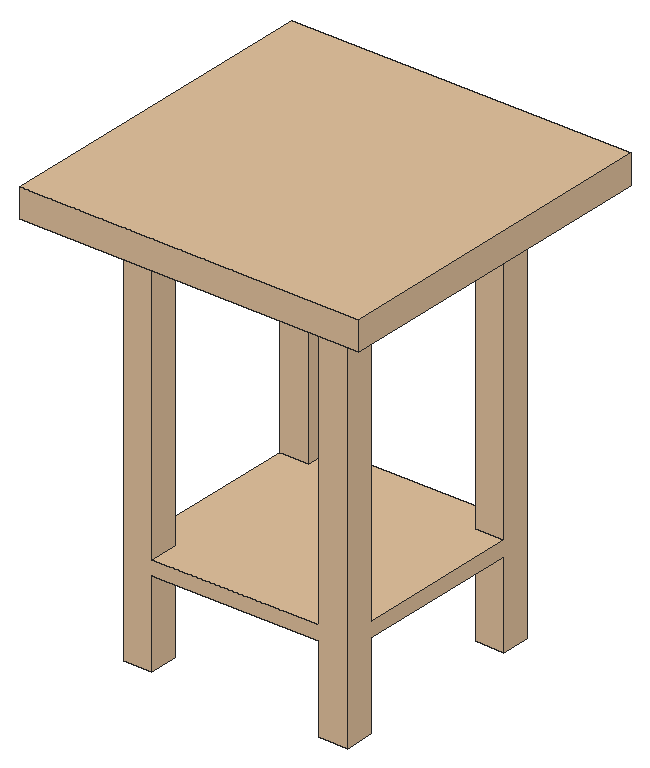
Revit family
Parameters (values of type "600 x 600 x 760mm")
  Keynote = "N"
  Base Material = Wood - Birch
  Depth = 600.00 mm
  Height = 760.00 mm
  Top Material = Wood - Birch
  Width = 600.00 mm
Types (3, lengths in mm): name | Depth | Height | Width
  (no name) | 600.00 | 760.00 | 600.00
  600 x 600 x 760mm | 600.00 | 760.00 | 600.00
  450 x 450 x 600mm | 450.00 | 600.00 | 450.00
Reference planes
  plane 1: y = 0
  plane 2: z = 0
  plane 3: x = 3.734
  plane 4: x = 603.734
  plane 5: y = 600
  plane 6: y = 300
  plane 7: x = 303.734
  plane 8: z = 760
  plane 9: z = 709.2
Forms (mm)
  Extrusion 1, solid, material "Wood - Birch" <- "Top Material"
    sketch origin (0, 0, 0) x (1, 0, 0) y (0, 1, 0)
      loop
        line (3.734, 0) -> (603.734, 0) -> (603.734, 600) -> (3.734, 600) -> (3.734, 0)
    from 709.2 to 760
  Extrusion 2, solid, material "Wood - Birch" <- "Base Material"
    sketch origin (0, 0, 0) x (1, 0, 0) y (0, 1, 0)
      loop
        line (105.334, 498.4) -> (105.334, 447.6) -> (156.134, 447.6) -> (156.134, 498.4) -> (105.334, 498.4)
      loop
        line (105.334, 152.4) -> (105.334, 101.6) -> (156.134, 101.6) -> (156.134, 152.4) -> (105.334, 152.4)
      loop
        line (451.334, 498.4) -> (451.334, 447.6) -> (502.134, 447.6) -> (502.134, 498.4) -> (451.334, 498.4)
      loop
        line (451.334, 152.4) -> (451.334, 101.6) -> (502.134, 101.6) -> (502.134, 152.4) -> (451.334, 152.4)
    from 0 to 709.2
  Extrusion 3, solid, material "Wood - Birch" <- "Base Material"
    sketch origin (0, 0, 0) x (1, 0, 0) y (0, 1, 0)
      loop
        line (451.334, 498.4) -> (156.134, 498.4) -> (156.134, 447.6) -> (105.334, 447.6) -> (105.334, 152.4) -> (156.134, 152.4) -> (156.134, 101.6) -> (451.334, 101.6) -> (451.334, 152.4) -> (502.134, 152.4) -> (502.134, 447.6) -> (451.334, 447.6) -> (451.334, 498.4)
    from 152.4 to 177.8
Cuts and joins
  joined: Extrusion 2, Extrusion 3
Lines and regions (mm)
  Masking region 1
    outline origin (0, 0, 0) x (1, 0, 0) y (0, 1, 0)
      loop
        line (3.734, 600) -> (3.734, 0) -> (603.734, 0) -> (603.734, 600) -> (3.734, 600)
  symbolic lines, style "Furniture"
    curve 1: line (3.734, 600, 0) -> (603.734, 600, 0)
    curve 2: line (3.734, 0, 0) -> (3.734, 600, 0)
    curve 3: line (603.734, 0, 0) -> (3.734, 0, 0)
    curve 4: line (603.734, 600, 0) -> (603.734, 0, 0)
Dimensions and locks
  locked: Extrusion 1 to Extrusion 1 at 50.8
  locked: Extrusion 1 to Extrusion 2 sketch curve at 101.6  (x4)
  locked: Extrusion 2 sketch curve to Extrusion 1 at 101.6  (x4)
  locked: Extrusion 2 sketch curve to Extrusion 2 sketch curve at 50.8  (x8)
  "Width": plane 3 to plane 4
  "Depth": plane 5 to plane 1
  equal spacing: plane 3, plane 7, plane 4
  equal spacing: plane 5, plane 6, plane 1
  "Height": plane 8 to plane 2
  locked: plane 8 to plane 9 at 50.8
  aligned and locked: plane 1 to Extrusion 1 sketch curve
  aligned and locked: level to plane 2
  aligned and locked: Extrusion 3 sketch curve to Extrusion 2  (x3)
  aligned and locked: Extrusion 2 to Extrusion 3 sketch curve  (x2)
  aligned and locked: plane 8 to Extrusion 1
  aligned and locked: plane 9 to Extrusion 2
Automatic sketch dimensions
  Extrusion 1 sketch curve to plane 3 = 0.00 mm
  plane 3 to Extrusion 3 sketch curve = 101.60 mm
  Extrusion 3 sketch curve to Extrusion 3 sketch curve = 50.80 mm  (x4)
  Extrusion 3 sketch curve to plane 1 = 101.60 mm
  plane 4 to Extrusion 3 sketch curve = 152.40 mm
  Extrusion 1 sketch curve to plane 4 = 0.00 mm
  Extrusion 1 sketch curve to plane 5 = 0.00 mm
  curve 3 to plane 1 = 0.00 mm
  curve 3 to plane 3 = 0.00 mm
  curve 3 to plane 4 = 0.00 mm
  curve 2 to plane 5 = 0.00 mm
  Masking region 1 sketch curve to plane 1 = 0.00 mm
  Masking region 1 sketch curve to plane 3 = 0.00 mm
  Masking region 1 sketch curve to plane 4 = 0.00 mm
  Masking region 1 sketch curve to plane 5 = 0.00 mm
